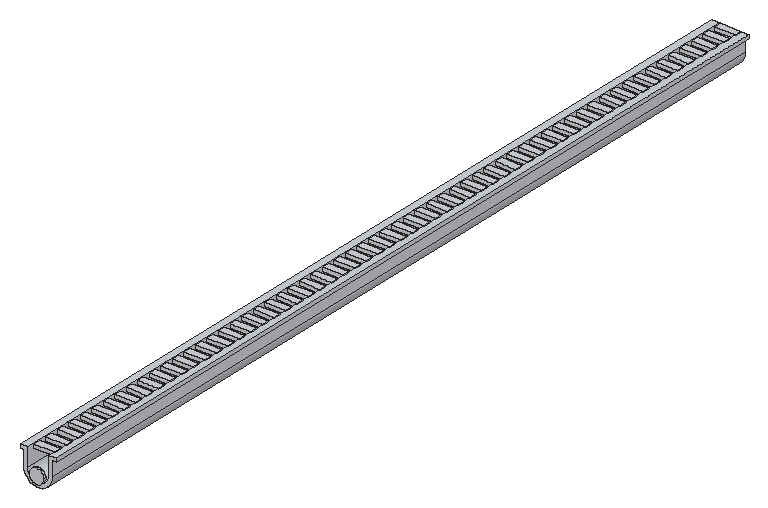
Revit family
Reference planes (in)
  plane 1 "Center (Front/Back)": y = 0
  plane 2: z = 0
  plane 3 "Center (Left/Right)": x = 0
  plane 4: x = 5
  plane 5: x = -5
  plane 6: x = -4
  plane 7: x = 4
  plane 8: z = 5
  plane 9: z = -5
  plane 10: z = 4
  plane 11: x = -3
  plane 12: x = 3
  plane 13: y = 54
  plane 14: y = -54
  plane 15: y = -108
  plane 16: y = -162
  plane 17: y = -216
  plane 18: x = -51
  plane 19: y = -2
  plane 20: y = -4
  plane 21: y = -6
  plane 22: y = -8
  plane 23: y = -10
  plane 24: y = -12
  plane 25: y = -14
  plane 26: y = -16
  plane 27: y = -18
  plane 28: y = -20
  plane 29: y = -22
  plane 30: y = -24
  plane 31: y = -26
  plane 32: y = -28
  plane 33: y = -30
  plane 34: y = -28
  plane 35: y = -32
  plane 36: y = -34
  plane 37: y = -36
  plane 38: y = -38
  plane 39: y = -40
  plane 40: y = -42
  plane 41: y = -44
  plane 42: y = -46
  plane 43: y = -48
  plane 44: y = -50
  plane 45: y = -52
  plane 46: y = -54.5
  plane 47: y = -110
  plane 48: y = -112
  plane 49: y = -114
  plane 50: y = -116
  plane 51: y = -118
  plane 52: y = -120
  plane 53: y = -122
  plane 54: y = -124
  plane 55: y = -126
  plane 56: y = -124
  plane 57: y = -128
  plane 58: y = -130
  plane 59: y = -132
  plane 60: y = -130
  plane 61: y = -134
  plane 62: y = -136
  plane 63: y = -138
  plane 64: y = -140
  plane 65: y = -142
  plane 66: y = -144
  plane 67: y = -146
  plane 68: y = -148
  plane 69: y = -150
  plane 70: y = -148
  plane 71: y = -152
  plane 72: y = -150
  plane 73: y = -154
  plane 74: y = -152
  plane 75: y = -156
  plane 76: y = -154
  plane 77: y = -158
  plane 78: y = -160
  plane 79: y = 112
  plane 80: y = 114
  plane 81: y = 116
  plane 82: y = 118
Forms (in)
  Extrusion 1, solid
    sketch origin (0, 120, 0) x (1, 0, 0) y (0, 0, 1)
      loop
        line (-3, 5) -> (-5, 5) -> (-5, 4) -> (-4, 4) -> (-4, 0)
        arc (-4, 0) -> (0, -4) -> (4, 0) r 4
        line (4, 0) -> (4, 4) -> (5, 4) -> (5, 5) -> (3, 5) -> (3, 0)
        arc (3, 0) -> (0, -3) -> (-3, 0) r 3
        line (-3, 0) -> (-3, 5)
    from 0 to 240
  Extrusion 2, solid
    sketch origin (0, 0, 4) x (1, 0, 0) y (0, 1, 0)
      loop
        line (-3, 0) -> (-3, -2) -> (3, -2) -> (3, 0) -> (-3, 0)
      loop
        line (-3, -4) -> (-3, -6) -> (3, -6) -> (3, -4) -> (-3, -4)
      loop
        line (-3, -8) -> (-3, -10) -> (3, -10) -> (3, -8) -> (-3, -8)
      loop
        line (-3, -12) -> (-3, -14) -> (3, -14) -> (3, -12) -> (-3, -12)
      loop
        line (-3, -16) -> (-3, -18) -> (3, -18) -> (3, -16) -> (-3, -16)
      loop
        line (-3, -20) -> (-3, -22) -> (3, -22) -> (3, -20) -> (-3, -20)
      loop
        line (-3, -24) -> (-3, -26) -> (3, -26) -> (3, -24) -> (-3, -24)
      loop
        line (-3, -28) -> (-3, -30) -> (3, -30) -> (3, -28) -> (-3, -28)
      loop
        line (-3, -32) -> (-3, -34) -> (3, -34) -> (3, -32) -> (-3, -32)
      loop
        line (-3, -36) -> (-3, -38) -> (3, -38) -> (3, -36) -> (-3, -36)
      loop
        line (-3, -40) -> (-3, -42) -> (3, -42) -> (3, -40) -> (-3, -40)
      loop
        line (-3, -44) -> (-3, -46) -> (3, -46) -> (3, -44) -> (-3, -44)
      loop
        line (-3, -48) -> (-3, -50) -> (3, -50) -> (3, -48) -> (-3, -48)
      loop
        line (-3, -52) -> (-3, -54) -> (3, -54) -> (3, -52) -> (-3, -52)
    from 0 to 1
  Extrusion 3, solid
    sketch origin (0, -110, 4) x (1, 0, 0) y (0, 1, 0)
      loop
        line (-3, 0) -> (3, 0) -> (3, 2) -> (-3, 2) -> (-3, 0)
      loop
        line (-3, 4) -> (3, 4) -> (3, 6) -> (-3, 6) -> (-3, 4)
      loop
        line (-3, 8) -> (3, 8) -> (3, 10) -> (-3, 10) -> (-3, 8)
      loop
        line (-3, 12) -> (3, 12) -> (3, 14) -> (-3, 14) -> (-3, 12)
      loop
        line (-3, 16) -> (3, 16) -> (3, 18) -> (-3, 18) -> (-3, 16)
      loop
        line (-3, 20) -> (3, 20) -> (3, 22) -> (-3, 22) -> (-3, 20)
      loop
        line (-3, 24) -> (3, 24) -> (3, 26) -> (-3, 26) -> (-3, 24)
      loop
        line (-3, 28) -> (3, 28) -> (3, 30) -> (-3, 30) -> (-3, 28)
      loop
        line (-3, 32) -> (3, 32) -> (3, 34) -> (-3, 34) -> (-3, 32)
      loop
        line (-3, 36) -> (3, 36) -> (3, 38) -> (-3, 38) -> (-3, 36)
      loop
        line (-3, 40) -> (3, 40) -> (3, 42) -> (-3, 42) -> (-3, 40)
      loop
        line (-3, 44) -> (3, 44) -> (3, 46) -> (-3, 46) -> (-3, 44)
      loop
        line (-3, 48) -> (3, 48) -> (3, 50) -> (-3, 50) -> (-3, 48)
      loop
        line (-3, 52) -> (3, 52) -> (3, 54) -> (-3, 54) -> (-3, 52)
    from 0 to 1
  Extrusion 4, solid
    sketch origin (0.01394, -120, 0) x (1, 0, 0) y (0, 0, 1)
      loop
        circle (-0.02346, -1.0017) r 2
    from 0 to 0.5
  Extrusion 5, solid
    sketch origin (0, 2, 4) x (1, 0, 0) y (0, 1, 0)
      loop
        line (-3, 0) -> (3, 0) -> (3, 2) -> (-3, 2) -> (-3, 0)
      loop
        line (-3, 4) -> (3, 4) -> (3, 6) -> (-3, 6) -> (-3, 4)
      loop
        line (-3, 8) -> (3, 8) -> (3, 10) -> (-3, 10) -> (-3, 8)
      loop
        line (-3, 12) -> (3, 12) -> (3, 14) -> (-3, 14) -> (-3, 12)
      loop
        line (-3, 16) -> (3, 16) -> (3, 18) -> (-3, 18) -> (-3, 16)
      loop
        line (-3, 20) -> (3, 20) -> (3, 22) -> (-3, 22) -> (-3, 20)
      loop
        line (-3, 24) -> (3, 24) -> (3, 26) -> (-3, 26) -> (-3, 24)
      loop
        line (-3, 28) -> (3, 28) -> (3, 30) -> (-3, 30) -> (-3, 28)
      loop
        line (-3, 32) -> (3, 32) -> (3, 34) -> (-3, 34) -> (-3, 32)
      loop
        line (-3, 36) -> (3, 36) -> (3, 38) -> (-3, 38) -> (-3, 36)
      loop
        line (-3, 40) -> (3, 40) -> (3, 42) -> (-3, 42) -> (-3, 40)
      loop
        line (-3, 44) -> (3, 44) -> (3, 46) -> (-3, 46) -> (-3, 44)
      loop
        line (-3, 48) -> (3, 48) -> (3, 50) -> (-3, 50) -> (-3, 48)
      loop
        line (-3, 52) -> (3, 52) -> (3, 54) -> (-3, 54) -> (-3, 52)
    from 0 to 1
  Extrusion 6, solid
    sketch origin (0, 112, 4) x (1, 0, 0) y (0, 1, 0)
      loop
        line (-3, 0) -> (-3, -2) -> (3, -2) -> (3, 0) -> (-3, 0)
      loop
        line (-3, -4) -> (-3, -6) -> (3, -6) -> (3, -4) -> (-3, -4)
      loop
        line (-3, -8) -> (-3, -10) -> (3, -10) -> (3, -8) -> (-3, -8)
      loop
        line (-3, -12) -> (-3, -14) -> (3, -14) -> (3, -12) -> (-3, -12)
      loop
        line (-3, -16) -> (-3, -18) -> (3, -18) -> (3, -16) -> (-3, -16)
      loop
        line (-3, -20) -> (-3, -22) -> (3, -22) -> (3, -20) -> (-3, -20)
      loop
        line (-3, -24) -> (-3, -26) -> (3, -26) -> (3, -24) -> (-3, -24)
      loop
        line (-3, -28) -> (-3, -30) -> (3, -30) -> (3, -28) -> (-3, -28)
      loop
        line (-3, -32) -> (-3, -34) -> (3, -34) -> (3, -32) -> (-3, -32)
      loop
        line (-3, -36) -> (-3, -38) -> (3, -38) -> (3, -36) -> (-3, -36)
      loop
        line (-3, -40) -> (-3, -42) -> (3, -42) -> (3, -40) -> (-3, -40)
      loop
        line (-3, -44) -> (-3, -46) -> (3, -46) -> (3, -44) -> (-3, -44)
      loop
        line (-3, -48) -> (-3, -50) -> (3, -50) -> (3, -48) -> (-3, -48)
      loop
        line (-3, -52) -> (-3, -54) -> (3, -54) -> (3, -52) -> (-3, -52)
    from 0 to 1
  Extrusion 7, solid
    sketch origin (0, 0, 4) x (1, 0, 0) y (0, 1, 0)
      loop
        line (-3, 120) -> (-3, 118) -> (3, 118) -> (3, 120) -> (-3, 120)
      loop
        line (-3, 116) -> (-3, 114) -> (3, 114) -> (3, 116) -> (-3, 116)
    from 0 to 1
  Extrusion 8, solid
    sketch origin (0, 0, 4) x (1, 0, 0) y (0, 1, 0)
      loop
        line (-3, -112) -> (-3, -114) -> (3, -114) -> (3, -112) -> (-3, -112)
      loop
        line (-3, -116) -> (-3, -118) -> (3, -118) -> (3, -116) -> (-3, -116)
    from 0 to 1
Connectors (in)
  piping at (-0.00952, -120.5, -1.0017)
    settings: on Extrusion 4, index 1
